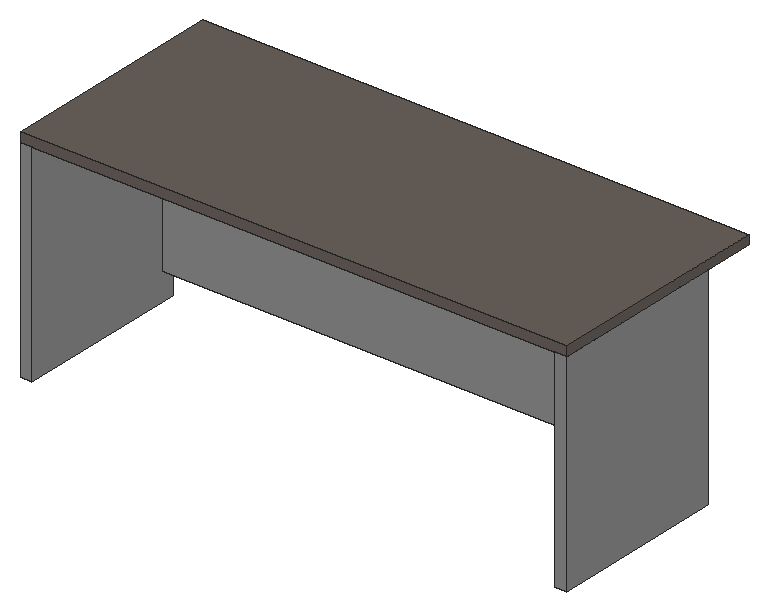
Revit family "Haworth_XSeries_DeskShell", category Furniture Systems, Revit 2018
Family settings
  Round Connector Dimension = Use Diameter
  Part Type = Normal
  OmniClass Number = 23.40.70.14.64.21
  OmniClass Title = Systems Furniture
  Work Plane-Based = No
  Always vertical = Yes
  Cut with Voids When Loaded = No
  Shared = No
  Room Calculation Point = No
Parameters (values of type "36d 72w 29h - Full Modesty Panel")
  Worksurface Finish [instance] = Haworth _ Laminate _ Columbian Walnut H-KG
  Warranty = "http://www.haworth.com/resources/product-info/warranties"
  URL - Product = "https://www.haworth.com/na/en/products/storage-based/x-series-desks.html"
  Three Quarter Height Modesty Panel = no
  Sustainability Info = "https://www.haworth.com/na/en/expertise/sustainability.html"
  Standard Depths = "24, 30, 36 in."  # constant formula
  Overhang Extension = if(Overhang, 6", 0")  # 6"
  Overhang = yes
  One Third Height Modesty Panel = not(or(Three Quarter Height Modesty Panel, Full Height Modesty Panel))  # no
  Modesty Panel Height = if(One Third Height Modesty Panel, 9 1/4", if(Three Quarter Height Modesty Panel, 20", (Actual Height / 2) - 1 1/4" - 2 1/2"))  # 10 3/4"
  Modesty Panel Finish [instance] = Haworth _ Paint _ Graphite
  Model = "JDSL-xx72"  # constant formula
  Width = 72"
  URL = "http://www.haworth.com/"
  Size = "Verify Final Dim. w/ Haworth"  # constant formula
  Revision Number = "5"  # constant formula
  Min. Width = 30"  # constant formula
  Max. Width = 72"  # constant formula
  Min. Depth = 24"  # constant formula
  Max. Depth = 36"  # constant formula
  Manufacturer = "Haworth"  # constant formula
  Full Height Modesty Panel = yes
  End Panel Finish [instance] = Haworth _ Paint _ Graphite
  Edge Finish [instance] = Haworth _ Laminate _ Columbian Walnut H-KG
  Description = "Haworth XSeries Desk Shell"  # constant formula
  Worksurface Depth = 36"
  Custom Size = not(and(or(Actual Width = 30", Actual Width = 36", Actual Width = 42", Actual Width = 48", Actual Width = 54", Actual Width = 60", Actual Width = 66", Actual Width = 72"), or(Actual Depth = 24", Actual Depth = 30", Actual Depth = 36")))  # no
  Author = "Haworth (Hampton), SHAPE Environments, LLC"  # constant formula
  Assembly Code = "E2020200"
  Actual Width = if(Width < Min. Width, Min. Width, if(Width > Max. Width, Max. Width, Width))  # 72"
  Actual Height = 29"  # constant formula
  Actual Depth = if(or(and(Worksurface Depth = Min. Depth, Overhang), Worksurface Depth < Min. Depth, Overhang), Min. Depth + 6", if(and(Worksurface Depth > Max. Depth, Overhang), Max. Depth, if(and(Worksurface Depth < Min. Depth, not(Overhang)), Min. Depth, if(and(Worksurface Depth > Max. Depth, not(Overhang)), Max. Depth - 6", Worksurface Depth))))  # 30"
  Standard Widths = "30, 36, 42, 48, 54, 60, 66, 72 in."  # constant formula
Types (3): name | Overhang Extension | Overhang | Worksurface Depth | Actual Depth
  24d 72w 29h - Full Modesty Panel | 0" | no | 24" | 24"
  30d 72w 29h - Full Modesty Panel | 0" | no | 30" | 30"
  36d 72w 29h - Full Modesty Panel | 6" | yes | 36" | 30"
Reference planes (in)
  plane 1 "Back": y = -10
  plane 2: z = 0
  plane 3 "Center": x = 29.0625
  plane 4 "Top": z = 29
  plane 5 "Bottom of Top": z = 27.75
  plane 6 "Floor": y = -34
  plane 7 "Left Side": x = -6.9375
  plane 8 "Right Side": x = 65.0625
  plane 9 "Executive Overhang": y = -4
  plane 10 "left leg width": x = -5.40625
  plane 11 "right leg width": x = 63.53125
  plane 12 "End Panel Offset": y = -10.75
  plane 13 "Modesty Panel Offset": y = -11.5
  plane 14 "Inside face of Modesty Panel": y = -12.65625
  plane 15 "Top of Modesty Panel": z = 25.25
  plane 16 "Bottom of Modesty Panel": z = 14.5
Forms (in)
  Extrusion 1, solid, material "Haworth _ Laminate _ Columbian Walnut H-KG" <- "Worksurface Finish"
    sketch origin (0, 0, 29) x (0, 1, 0) y (-1, 0, 0)
      loop
        line (-4, 6.9375) -> (-34, 6.9375) -> (-34, -65.0625) -> (-4, -65.0625) -> (-4, 6.9375)
    from 0 to -1.25
  Extrusion 2, solid, material "Haworth _ Paint _ Graphite" <- "End Panel Finish"
    sketch origin (0, 0, 0) x (1, 0, 0) y (0, 1, 0)
      loop
        line (-6.9375, -10.75) -> (-6.9375, -34) -> (-5.40625, -34) -> (-5.40625, -10.75) -> (-6.9375, -10.75)
    from 0 to 27.75
  Extrusion 3, solid, material "Haworth _ Paint _ Graphite" <- "End Panel Finish"
    sketch origin (0, 0, 0) x (1, 0, 0) y (0, 1, 0)
      loop
        line (63.53125, -10.75) -> (63.53125, -34) -> (65.0625, -34) -> (65.0625, -10.75) -> (63.53125, -10.75)
    from 0 to 27.75
  Extrusion 4, solid, material "Haworth _ Paint _ Graphite" <- "Modesty Panel Finish"
    sketch origin (0, 0, 0) x (1, 0, 0) y (0, 1, 0)
      loop
        line (-5.40625, -11.5) -> (-5.40625, -12.65625) -> (63.53125, -12.65625) -> (63.53125, -11.5) -> (-5.40625, -11.5)
    from 14.5 to 25.25
  Extrusion 5, solid, material "Haworth _ Paint _ Graphite" <- "Modesty Panel Finish", visible <- "Full Height Modesty Panel"
    sketch origin (2.85118, 0, -10.75) x (1, 0, 0) y (0, 1, 0)
      loop
        line (-8.25743, -11.5) -> (-8.25743, -12.65625) -> (60.68007, -12.65625) -> (60.68007, -11.5) -> (-8.25743, -11.5)
    from 14.5 to 25.25
Lines and regions (in)
  Masking region 1
    outline origin (0, 0, 27.75) x (0, 1, 0) y (-1, 0, 0)
      loop
        line (-4, 6.9375) -> (-34, 6.9375) -> (-34, -65.0625) -> (-4, -65.0625) -> (-4, 6.9375)
  symbolic lines, style "Haworth Hidden", visible <- "Overhang", detail levels fine
    curve 1: line (-6.9375, -10.75, 0) -> (65.0625, -10.75, 0)
Dimensions and locks (in)
  "Actual Height": plane 4 "Top" to level
  "Actual Depth": plane 9 "Executive Overhang" to plane 6 "Floor"
  equal spacing: plane 7 "Left Side", plane 3 "Center", plane 8 "Right Side"
  "Actual Width": plane 7 "Left Side" to plane 8 "Right Side"
  locked: plane 4 "Top" to plane 5 "Bottom of Top" at 1.25
  locked: plane 10 "left leg width" to plane 7 "Left Side" at 1.53125
  locked: plane 8 "Right Side" to plane 11 "right leg width" at 1.53125
  locked: plane 12 "End Panel Offset" to plane 1 "Back" at 0.75
  locked: plane 12 "End Panel Offset" to plane 13 "Modesty Panel Offset" at 0.75
  locked: plane 13 "Modesty Panel Offset" to plane 14 "Inside face of Modesty Panel" at 1.15625
  locked: plane 15 "Top of Modesty Panel" to plane 5 "Bottom of Top" at 2.5
  "Modesty Panel Height": plane 16 "Bottom of Modesty Panel" to plane 15 "Top of Modesty Panel"
  "Overhang Extension": plane 9 "Executive Overhang" to plane 1 "Back"
  aligned and locked: level to plane 2
  aligned and locked: plane 7 "Left Side" to Extrusion 1 sketch curve
  aligned and locked: Extrusion 1 sketch curve to plane 9 "Executive Overhang"
  aligned and locked: Extrusion 1 sketch curve to plane 6 "Floor"
  aligned and locked: Extrusion 1 sketch curve to plane 8 "Right Side"
  aligned and locked: Extrusion 1 to plane 5 "Bottom of Top"
  aligned and locked: Extrusion 2 sketch curve to plane 12 "End Panel Offset"
  aligned and locked: Extrusion 2 sketch curve to plane 10 "left leg width"
  aligned and locked: plane 7 "Left Side" to Extrusion 2 sketch curve
  aligned and locked: plane 5 "Bottom of Top" to Extrusion 2
  aligned and locked: Extrusion 3 sketch curve to plane 6 "Floor"
  aligned and locked: Extrusion 3 sketch curve to plane 8 "Right Side"
  aligned and locked: plane 11 "right leg width" to Extrusion 3 sketch curve
  aligned and locked: plane 12 "End Panel Offset" to Extrusion 3 sketch curve
  aligned and locked: Extrusion 3 to plane 5 "Bottom of Top"
  aligned and locked: Extrusion 4 sketch curve to plane 13 "Modesty Panel Offset"
  aligned and locked: Extrusion 4 sketch curve to plane 14 "Inside face of Modesty Panel"
  aligned and locked: Extrusion 4 sketch curve to plane 11 "right leg width"
  aligned and locked: plane 10 "left leg width" to Extrusion 4 sketch curve
  aligned and locked: Extrusion 4 to plane 15 "Top of Modesty Panel"
  aligned and locked: Extrusion 4 to plane 16 "Bottom of Modesty Panel"
  aligned and locked: Masking region 1 sketch curve to plane 9 "Executive Overhang"
  aligned and locked: plane 7 "Left Side" to Masking region 1 sketch curve
  aligned and locked: Masking region 1 sketch curve to plane 8 "Right Side"
  aligned and locked: Masking region 1 sketch curve to plane 6 "Floor"
  aligned and locked: plane 11 "right leg width" to Extrusion 5
  aligned and locked: curve 1 to plane 12 "End Panel Offset"
Automatic sketch dimensions
  Extrusion 2 sketch curve to plane 6 "Floor" = 0"
  Extrusion 5 sketch curve to plane 14 "Inside face of Modesty Panel" = 0"
  Extrusion 5 sketch curve to plane 13 "Modesty Panel Offset" = 0"
  plane 10 "left leg width" to Extrusion 5 sketch curve = 0"
  Extrusion 5 sketch curve to plane 8 "Right Side" = 1 17/32"
  curve 1 to plane 7 "Left Side" = 0"
  curve 1 to plane 8 "Right Side" = 0"
